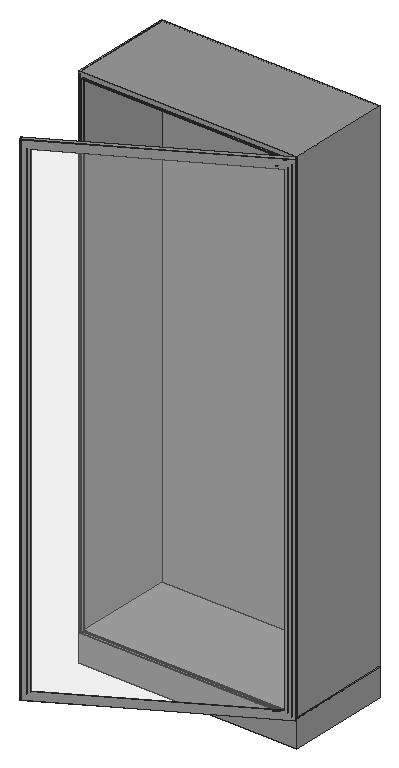
Revit family "Hager-Univers-IP55-D400-H1950-Cl.II-Steel_encl-NoHosted-NL-en", category Equipement électrique, Revit 2020
Family settings
  Configuration du panneau = Deux colonnes, circuits au sein
  Cote de connecteur circulaire = Utiliser le diamètre
  Type d'élément = Tableau de raccordement
  Basée sur le plan de construction = Oui
  Toujours verticalement = Oui
  Couper avec des vides une fois chargée = Non
  Partagée = Non
  Point de calcul de pièce = Non
Parameters (values of type "Floor installation IP55 W800 H1950 D400  - FR23U1")
  Width Control [instance] = if([EF000008 - Width] > Min Width, [EF000008 - Width], Min Width)  # 800 mm
  Commentaires du type = [HG000003 - Range]  # "Univers"
  Thickness Door [instance] = if([EF009171 - Material plate thickness door/cover] > 3 mm, 3 mm, [EF009171 - Material plate thickness door/cover])  # 1.5 mm
  Seal Frame Offset [instance] = 17 mm  # constant formula
  Plinth Visibility [instance] = [HG000027 - Plinth height] > 0 mm  # yes
  Min Width [instance] = 100 mm  # constant formula
  Min Depth [instance] = (2 * [EF009170 - Material plate thickness cabinet]) + 1 mm  # 4 mm
  Min Height [instance] = 100 mm  # constant formula
  Internal Frame Depth [instance] = (Door System Depth * 0.5)  # 9 mm
  Panel Name [instance] = ""  # (empty or 0)
  Model = ""
  HG000027 - Plinth height = 100 mm
  HG000026 - Floor standing = yes
  HG000024 - Bottom section height = 600 mm
  HG000023 - Double section enclosure = no
  HG000016 - Door 3d visibility [instance] = yes
  HG000015 - Clearance visibility [instance] = no
  HG000014 - Door on the right [instance] = yes
  HG000013 - Door on the left [instance] = not([HG000014 - Door on the right])  # no
  HG000012 - Door swing angle [instance] = 30.00°
  HG000010 - Asymmetric doors = no
  HG000009 - Double swing door = no
  HG000006 - Flush mounted = no
  HG000004 - Manufacturer reference = "FR23U1"
  HG000003 - Range = "Univers"
  HG000002 - With door or cover = yes
  Frame Offset Bottom [instance] = 10 mm  # constant formula
  Frame Offset [instance] = 15 mm  # constant formula
  EF015940 - Cover with overpressure release = no
  EF011959 - Degree of protection (NEMA) = ""
  EF009554 - Number of openings for flange plates = 6
  EF009212 - Cover model = "EV000116 - Closed"
  EF009171 - Material plate thickness door/cover = 1.5 mm
  EF009170 - Material plate thickness cabinet = 1.5 mm
  EF008873 - Nominal current (In) = 800 A
  EF007800 - Suitable for lightning protection = no
  EF006306 - With lock = no
  EF006244 - Transparent cover/door = yes
  EF005474 - Degree of protection (IP) = "EV006420 - IP55"
  EF004464 - Type of door = "EV002646 - Single"
  EF004427 - Number of modules = 432
  EF004293 - Impact strength = "EV008784 - IK10"
  EF003532 - Suitable for outdoor use = no
  EF002950 - Width in number of modular spacings = 24
  EF001613 - Circuit integrity = "EV000494 - None"
  EF001596 - Material housing = "EV000179 - Steel"
  EF001131 - Internal depth = 400 mm
  EF001088 - Extension possible = yes
  EF000437 - Number of conduit inlets = 6
  EF000339 - Type of cover = "EV004216 - Door"
  EF000266 - Number of rows = 12
  EF000218 - Built-in depth = 0 mm
  EF000118 - With mounting plate = no
  EF000116 - RAL-number = "7035"
  EF000049 - Depth = 400 mm
  EF000040 - Height = 1950 mm
  EF000008 - Width = 800 mm
  EF000007 - Colour = "EV000270 - Grey"
  EF000003 - Mounting method = "EV012274 - Floor installation"
  Door System Leaf Tolerance [instance] = 1.5 mm  # constant formula
  Door System Depth [instance] = 18 mm  # constant formula
  Door Height [instance] = Height Control - [HG000027 - Plinth height]  # 1850 mm
  Description = ""
  Default Elevation = 1219.2 mm
  Connector Offset [instance] = Height Control / 2  # 975 mm
  Fabricant = "Hager"  # constant formula
  Height Control [instance] = if([EF000040 - Height] > Min Height, [EF000040 - Height], Min Height)  # 1950 mm
  Depth Control [instance] = if([EF000049 - Depth] > Min Depth, [EF000049 - Depth], Min Depth)  # 400 mm
  Bottom Top Plate Trim [instance] = 1.5 mm  # constant formula
  Plinth height Ctrl [instance] = if([HG000027 - Plinth height] > 0 mm, [HG000027 - Plinth height], 12 mm)  # 100 mm
Types (11, lengths in mm): name | Width Control | HG000010 - Asymmetric doors | HG000009 - Double swing door | HG000004 - Manufacturer reference | EF009554 - Number of openings for flange plates | EF006244 - Transparent cover/door | EF004464 - Type of door | EF004427 - Number of modules | EF000437 - Number of conduit inlets | EF000008 - Width
  Floor installation IP55 W1050 H1950 D400  - FR24H1 | 1050 | yes | yes | "FR24H1" | 8 | no | "EV003602 - Double" | 576 | 8 | 1050
  Floor installation IP55 W1050 H1950 D400  - FR24U1 | 1050 | yes | yes | "FR24U1" | 8 | yes | "EV003602 - Double" | 576 | 8 | 1050
  Floor installation IP55 W1300 H1950 D400  - FR25H1 | 1300 | yes | yes | "FR25H1" | 10 | no | "EV003602 - Double" | 720 | 10 | 1300
  Floor installation IP55 W1300 H1950 D400  - FR25U1 | 1300 | yes | yes | "FR25U1" | 10 | yes | "EV003602 - Double" | 720 | 10 | 1300
  Floor installation IP55 W1550 H1950 D400  - FR26H1 | 1550 | yes | yes | "FR26H1" | 12 | no | "EV003602 - Double" | 864 | 12 | 1550
  Floor installation IP55 W1550 H1950 D400  - FR26U1 | 1550 | yes | yes | "FR26U1" | 12 | yes | "EV003602 - Double" | 864 | 12 | 1550
  Floor installation IP55 W300 H1950 D400  - FR21H1 | 300 | no | no | "FR21H1" | 2 | no | "EV002646 - Single" | 144 | 2 | 300
  Floor installation IP55 W550 H1950 D400  - FR22H1 | 550 | no | no | "FR22H1" | 4 | no | "EV002646 - Single" | 288 | 4 | 550
  Floor installation IP55 W550 H1950 D400  - FR22U1 | 550 | no | no | "FR22U1" | 4 | yes | "EV002646 - Single" | 288 | 4 | 550
  Floor installation IP55 W800 H1950 D400  - FR23H1 | 800 | no | no | "FR23H1" | 6 | no | "EV002646 - Single" | 432 | 6 | 800
  Floor installation IP55 W800 H1950 D400  - FR23U1 | 800 | no | no | "FR23U1" | 6 | yes | "EV002646 - Single" | 432 | 6 | 800
Reference planes
  plane 1 "Center (Front/Back)": y = 0
  plane 2: z = 0
  plane 3 "Center (Left/Right)": x = 0
  plane 4: y = 0
  plane 5: y = 0
  plane 6: z = 0
  plane 7: x = -400
  plane 8: x = 400
  plane 9: x = 398.5
  plane 10: x = -398.5
  plane 11: z = 100
  plane 12: z = 101.5
  plane 13: y = -400
  plane 14: y = -1.5
  plane 15: x = 0
  plane 16: y = -382
  plane 17: y = -398.5
  plane 18: y = -380.5
  plane 19: x = -383.5
  plane 20: x = 383.5
  plane 21: z = 111.5
  plane 22: x = -383
  plane 23: x = 383
  plane 24: z = 100
  plane 25: z = 1950
  plane 26: z = 1950
  plane 27: z = 1933.5
  plane 28: z = 1948.5
Forms (mm)
  Extrusion 1, solid, material "Hager_Steel_RAL7035_Light_Grey", detail levels medium+fine
    sketch origin (-208.679, -4572, 100) x (-1, 0, 0) y (0, -1, 0)
      loop
        line (191.321, -4190) -> (-608.679, -4190) -> (-608.679, -4572) -> (191.321, -4572) -> (191.321, -4190)
    from 0 to 1850
  Extrusion 2, void
    sketch origin (-350.771, -400, 1219.2) x (1, 0, 0) y (0, 0, 1)
      loop
        line (-47.729, 729.3) -> (-47.729, -1117.7) -> (749.271, -1117.7) -> (749.271, 729.3) -> (-47.729, 729.3)
    from -19.5 to -398.5
  Extrusion 3, void
    sketch origin (-290.084, -382, 1219.2) x (1, 0, 0) y (0, 0, 1)
      loop
        line (-93.416, -1107.7) -> (673.584, -1107.7) -> (673.584, 714.3) -> (-93.416, 714.3) -> (-93.416, -1107.7)
    from 0 to -1.5
  Extrusion 4, solid, material "Hager_Steel_RAL7035_Light_Grey", visible <- "Plinth Visibility", detail levels medium+fine
    sketch origin (0, 0, 0) x (1, 0, 0) y (0, 1, 0)
      loop
        line (-400, 0) -> (-400, -382) -> (400, -382) -> (400, 0) -> (-400, 0)
    from 0 to 100 <- "Plinth height Ctrl"
  Extrusion 5, solid, material "Hager_Steel_RAL7035_Light_Grey", detail levels coarse
    sketch origin (0, 0, 0) x (1, 0, 0) y (0, 1, 0)
      loop
        line (-400, 0) -> (-400, -400) -> (400, -400) -> (400, 0) -> (-400, 0)
    from 0 to 1950 <- "Height Control"
  Sweep 6, void
    path in 3D
      loop
        line (-400, -382, 100) -> (400, -382, 100) -> (400, 0, 100) -> (-400, 0, 100) -> (-400, -382, 100)
    profile origin (-400, -191, 100) x (1, 0, 0) y (0, 0, 1)
      loop
        line (0, 0) -> (0, -1.5) -> (1.5, -1.5)
        arc (1.5, -1.5) -> (1.061, -0.439) -> (0, 0) r 1.5
  Extrusion 7, solid, material "Hager_Steel_RAL7035_Light_Grey", detail levels fine
    sketch origin (-400, -382, 100) x (1, 0, 0) y (0, 0, 1)
      loop
        line (16.5, 11.5) -> (783.5, 11.5) -> (783.5, 1833.5) -> (16.5, 1833.5) -> (16.5, 11.5)
      loop
        line (15, 10) -> (785, 10) -> (785, 1835) -> (15, 1835) -> (15, 10)
    from 0 to 9 <- "Internal Frame Depth"
Cuts and joins
  Extrusion 2, Extrusion 3 cuts Extrusion 1
  Sweep 6 cuts Extrusion 4
Lines and regions (mm)
  Masking region 1
    outline origin (0, 0, 0) x (1, 0, 0) y (0, 1, 0)
      loop
        line (-400, 0) -> (-400, -400) -> (400, -400) -> (400, 0) -> (-400, 0)
  Masking region 2, detail levels coarse
    outline origin (-290.084, -382, 1219.2) x (-1, 0, 0) y (0, 0, 1)
      loop
        line (-690.084, -1219.2) -> (109.916, -1219.2) -> (109.916, 730.8) -> (-690.084, 730.8) -> (-690.084, -1219.2)
  Masking region 3, detail levels coarse
    outline origin (0, 0, 0) x (0, 1, 0) y (0, 0, 1)
      loop
        line (0, 0) -> (0, 1950) -> (-400, 1950) -> (-400, 0) -> (0, 0)
  Masking region 4, visible <- "Plinth Visibility", detail levels medium+fine
    outline origin (0, 0, 0) x (0, 1, 0) y (0, 0, 1)
      loop
        line (-1.5, 100) -> (-380.5, 100)
        arc (-380.5, 100) -> (-380.939, 98.939) -> (-382, 98.5) r 1.5
        line (-382, 98.5) -> (-382, 0) -> (0, 0) -> (0, 98.5)
        arc (0, 98.5) -> (-1.061, 98.939) -> (-1.5, 100) r 1.5
  Masking region 5, detail levels medium+fine
    outline origin (0, 0, 594.038) x (0, 1, 0) y (0, 0, 1)
      loop
        line (0, -494.038) -> (0, 1355.962) -> (-382, 1355.962) -> (-382, -494.038) -> (0, -494.038)
  Masking region 6, detail levels medium+fine
    outline origin (-359.7, -382, 1211.883) x (-1, 0, 0) y (0, 0, 1)
      loop
        line (-759.7, -1111.883) -> (40.3, -1111.883) -> (40.3, 738.117) -> (-759.7, 738.117) -> (-759.7, -1111.883)
  Masking region 7, visible <- "Plinth Visibility", detail levels medium+fine
    outline origin (-320.334, -382, 1041.368) x (-1, 0, 0) y (0, 0, 1)
      loop
        line (-720.334, -1041.368) -> (79.666, -1041.368) -> (79.666, -942.868)
        arc (79.666, -942.868) -> (78.606, -942.429) -> (78.166, -941.368) r 1.5
        line (78.166, -941.368) -> (-718.834, -941.368)
        arc (-718.834, -941.368) -> (-719.273, -942.429) -> (-720.334, -942.868) r 1.5
        line (-720.334, -942.868) -> (-720.334, -1041.368)
  sketch lines
    curve 1: line (-400, 0, 100) -> (-400, -382, 100)
    curve 2: line (-400, -382, 100) -> (400, -382, 100)
    curve 3: line (400, 0, 100) -> (-400, 0, 100)
    curve 4: line (400, -382, 100) -> (400, 0, 100)
Dimensions and locks
  locked: plane 1 "Center (Front/Back)" to plane 5
  "EF009170 - Material plate thickness cabinet": plane 7 to plane 10
  "EF009170 - Material plate thickness cabinet": plane 8 to plane 9
  equal spacing: plane 7, plane 3 "Center (Left/Right)", plane 8
  "Width Control": plane 7 to plane 8
  "Depth Control": plane 4 to plane 13
  "EF009170 - Material plate thickness cabinet": plane 4 to plane 14
  "Height Control": plane 25 to level
  "HG000027 - Plinth height": plane 11 to level
  "EF009170 - Material plate thickness cabinet": plane 12 to plane 11
  "EF009170 - Material plate thickness cabinet": plane 17 to plane 13
  "EF009170 - Material plate thickness cabinet": plane 18 to plane 16
  "Frame Offset Bottom": plane 21 to plane 12
  "Frame Offset": plane 10 to plane 19
  "Frame Offset": plane 9 to plane 20
  "Door System Depth": plane 16 to plane 13
  "Seal Frame Offset": plane 7 to plane 22
  "Seal Frame Offset": plane 8 to plane 23
  "EF009170 - Material plate thickness cabinet": plane 26 to plane 28
  "Frame Offset": plane 28 to plane 27
  "Connector Offset": plane 2 to connector elem
  "Bottom Top Plate Trim": profile plane to Sweep 6 sketch curve
  "Bottom Top Plate Trim": Sweep 6 sketch curve to Sweep 6 sketch curve
  "Plinth height Ctrl": Masking region 4 sketch curve to level
  "Plinth height Ctrl": Masking region 7 sketch curve to level
  "Thickness Door": Extrusion 7 sketch curve to Extrusion 7 sketch curve  (x4)
  "Bottom Top Plate Trim": radius of Sweep 6 sketch curve
  "Bottom Top Plate Trim": radius of Masking region 4 sketch curve  (x2)
  "Bottom Top Plate Trim": radius of Masking region 7 sketch curve  (x2)
  aligned and locked: Extrusion 2 sketch curve to plane 12
  aligned and locked: Extrusion 2 sketch curve to plane 9
  aligned and locked: Extrusion 2 sketch curve to plane 10
  aligned and locked: Extrusion 2 to plane 14
  aligned and locked: Extrusion 1 sketch curve to plane 4
  aligned and locked: plane 8 to Extrusion 1 sketch curve
  aligned and locked: plane 7 to Extrusion 1 sketch curve
  aligned and locked: Extrusion 2 to plane 18
  aligned and locked: Extrusion 3 sketch curve to plane 19
  aligned and locked: plane 20 to Extrusion 3 sketch curve
  aligned and locked: Extrusion 3 to Extrusion 2
  aligned and locked: Extrusion 3 sketch curve to plane 21
  aligned and locked: plane 3 "Center (Left/Right)" to nested 1
  aligned and locked: Extrusion 1 sketch curve to plane 16
  aligned and locked: Extrusion 4 sketch curve to cut or joined group of Extrusion 1, Extrusion 2, Extrusion 3
  aligned and locked: Masking region 1 sketch curve to plane 7
  aligned and locked: Masking region 1 sketch curve to plane 5
  aligned and locked: Masking region 1 sketch curve to plane 8
  aligned and locked: Masking region 2 sketch curve to level
  aligned and locked: level to Masking region 3 sketch curve
  aligned and locked: plane 1 "Center (Front/Back)" to Masking region 3 sketch curve
  aligned and locked: plane 13 to Masking region 3 sketch curve
  aligned and locked: plane 5 to Masking region 4 sketch curve
  aligned and locked: Masking region 2 sketch curve to plane 8
  aligned and locked: Masking region 2 sketch curve to plane 7
  aligned and locked: plane 7 to nested 2
  aligned and locked: nested 2 to plane 5
  aligned and locked: plane 5 to Masking region 5 sketch curve
  aligned and locked: plane 26 to Masking region 5 sketch curve
  aligned and locked: Extrusion 5 sketch curve to plane 8
  aligned and locked: Extrusion 5 sketch curve to plane 7
  aligned and locked: Extrusion 5 sketch curve to plane 5
  aligned and locked: Extrusion 3 sketch curve to plane 27
  aligned and locked: Extrusion 2 sketch curve to plane 28
  aligned and locked: Masking region 2 to plane 25
  aligned and locked: Extrusion 4 to plane 16
  aligned and locked: profile plane to Sweep 6 sketch curve
  aligned and locked: Masking region 5 sketch curve to plane 24
  aligned and locked: level to Masking region 4 sketch curve
  aligned and locked: Masking region 1 to plane 13
  aligned and locked: nested 1 to plane 16
  aligned and locked: Masking region 3 to plane 25
  aligned and locked: plane 16 to Masking region 4 sketch curve
  aligned and locked: Masking region 5 sketch curve to plane 16
  aligned and locked: plane 24 to plane 11
  aligned and locked: plane 26 to plane 25
  aligned and locked: plane 26 to cut or joined group of Extrusion 1, Extrusion 2, Extrusion 3
  aligned and locked: nested 1 to plane 24
  aligned and locked: Extrusion 1 to Extrusion 3
  aligned and locked: Masking region 6 sketch curve to plane 8
  aligned and locked: Masking region 6 sketch curve to plane 24
  aligned and locked: Masking region 6 sketch curve to plane 7
  aligned and locked: Masking region 6 sketch curve to plane 26
  aligned and locked: Masking region 7 sketch curve to plane 7
  aligned and locked: level to Masking region 7 sketch curve
  aligned and locked: Masking region 7 sketch curve to plane 8
  aligned and locked: Extrusion 7 sketch curve to cut or joined group of Extrusion 1, Extrusion 2, Extrusion 3  (x4)
Automatic sketch dimensions
  plane 19 to Extrusion 3 sketch curve = 0 mm
  Extrusion 3 sketch curve to plane 20 = 0 mm
  Extrusion 3 sketch curve to plane 21 = 0 mm
  Extrusion 4 sketch curve to plane 7 = 0 mm
  Extrusion 4 sketch curve to plane 8 = 0 mm
  Extrusion 4 sketch curve to plane 16 = 0 mm
  Masking region 1 sketch curve to plane 13 = 0 mm
  Masking region 2 sketch curve to plane 25 = 0 mm
  Masking region 3 sketch curve to plane 25 = 0 mm
  Extrusion 5 sketch curve to plane 13 = 0 mm
  profile plane to Sweep 6 sketch curve = 0 mm
Nested families
  nested 1: "EC000058_Univers_Door" at (0, -382, 100), Double <- "HG000009 - Double swing door", Transparent <- "EF006244 - Transparent cover/door", Angle <- "HG000012 - Door swing angle", Door_Right <- "HG000014 - Door on the right", Assymetrical <- "HG000010 - Asymmetric doors", Door <- "HG000002 - With door or cover", Width_Ctrl <- "Width Control", 3d_Door <- "HG000016 - Door 3d visibility", Clearance <- "HG000015 - Clearance visibility", Door_Left <- "HG000013 - Door on the left", Width <- "Width Control", Door_Depth <- "Door System Depth", Leaf_Tolerance <- "Door System Leaf Tolerance", Height <- "Door Height", Lock_Visibility <- "EF006306 - With lock", Thickness <- "Thickness Door", type "EC000058_Univers_Door", detail levels medium+fine
    with min_wh 4 mm, Width_Ctrl 800 mm, Width 800 mm, Transparent yes, Thickness 1.5 mm, Seal_Material Hager_Rubber, Lock_Visibility no, Lock_Material Hager_Plastic_RAL9005_Jet_Black, Leaf_Width 800 mm, Leaf_Tolerance_External_Sides 0 mm, Leaf_Tolerance 1.5 mm, Leaf_Offset 0 mm, Leaf_Height 1847 mm, Leaf_2_Width 800 mm, Leaf_2_Offset 400 mm, Leaf_1_Width 800 mm, Leaf_1_Offset 400 mm, Height_Ctrl 1850 mm, Height 1850 mm, Glass_Material Hager_Glass, Double_Clearance_Ctrl no, Double no, Door_Right_Ctrl yes, Door_Right yes, Door_Material Hager_Steel_RAL7035_Light_Grey, Door_Left_Ctrl no, Door_Left no, Door_Depth 18 mm, Door yes, Clearance_Material Hager_Clearance, Clearance_Depth 800 mm, Clearance_Ctrl no, Clearance no, Assymetrical no, Angle 30.00°, 3d_Door yes
  nested 2: "Hager_Enclosure_Symbol" at (-400, 0, 0), Height <- "Depth Control", Width <- "Width Control", type "Hager_Enclosure_Symbol"
    with Width_Ctrl 800 mm, Width 800 mm, Height_Ctrl 400 mm, Height 400 mm, A_Width_Int 26.25 mm, A_Width 315 mm, A_Height_Ctrl 350 mm, A_Height 350 mm
Connectors
  electrical at (0, 0, 975)
    settings: on plane 1 "Center (Front/Back)", index 1, voltage 0 V, apparent load 0 VA, apparent load phase1 0 VA, apparent load phase2 0 VA, apparent load phase3 0 VA, power factor 1, load classification "Other", number of poles 1, system type 30, power factor state 1, is connector primary yes, connector utility no, sub classification motor no, connector description ""
Definition of nested family "EC000058_Univers_Door"
  Parameters (values of type "EC000058_Univers_Door")
    min_wh [instance] = (2 * Thickness) + 1 mm  # 11 mm
    Width_Ctrl [instance] = 400 mm
    Width [instance] = 500 mm
    Transparent [instance] = yes
    Thickness [instance] = 5 mm
    Seal_Material [instance] = none
    Lock_Visibility [instance] = yes
    Lock_Material [instance] = none
    Leaf_Width [instance] = if((Width_Ctrl - 2 * Leaf_Tolerance_External_Sides) > 0 mm, (Width_Ctrl - 2 * Leaf_Tolerance_External_Sides), min_wh)  # 400 mm
    Leaf_Tolerance_External_Sides [instance] = 0 mm  # constant formula
    Leaf_Tolerance [instance] = 1.5 mm
    Leaf_Offset [instance] = 0 mm  # constant formula
    Leaf_Height [instance] = if((Height_Ctrl - 2 * Leaf_Tolerance) > 0 mm, (Height_Ctrl - 2 * Leaf_Tolerance), min_wh)  # 497 mm
    Leaf_2_Width [instance] = if(and(and(Double, Assymetrical), Door_Left), (Leaf_Width / 3) - (Leaf_Tolerance / 2), if(and(and(Double, Assymetrical), Door_Right), (Leaf_Width / 3) * 2 - (Leaf_Tolerance / 2), if(and(Double, not(Assymetrical)), (Leaf_Width / 2) - Leaf_Tolerance, Leaf_Width)))  # 400 mm
    Leaf_2_Offset [instance] = if(and(Double, Assymetrical), Leaf_2_Width / 2, if(and(Double, not(Assymetrical)), Leaf_Width / 4, Leaf_Width / 2))  # 200 mm
    Leaf_1_Width [instance] = if(and(and(Double, Assymetrical), Door_Right), (Leaf_Width / 3) - (Leaf_Tolerance / 2), if(and(and(Double, Assymetrical), Door_Left), (Width / 3) * 2 - (Leaf_Tolerance / 2), if(and(Double, not(Assymetrical)), (Leaf_Width / 2) - Leaf_Tolerance, Leaf_Width)))  # 400 mm
    Leaf_1_Offset [instance] = if(and(Double, Assymetrical), Leaf_1_Width / 2, if(and(Double, not(Assymetrical)), Leaf_Width / 4, Leaf_Width / 2))  # 200 mm
    Height_Ctrl [instance] = if(Height > min_wh, Height, min_wh)  # 500 mm
    Height [instance] = 500 mm
    Glass_Material [instance] = none
    Double_Clearance_Ctrl [instance] = and(Double, Clearance)  # no
    Double [instance] = no
    Door_Right_Ctrl [instance] = and(or(Door_Right, Double), Door)  # yes
    Door_Right [instance] = yes
    Door_Material [instance] = none
    Door_Left_Ctrl [instance] = and(or(Door_Left, Double), Door)  # no
    Door_Left [instance] = no
    Door_Depth [instance] = 30 mm
    Door [instance] = yes
    Default Elevation = 1219.2 mm
    Clearance_Material [instance] = none
    Clearance_Depth [instance] = if(Leaf_1_Width > Leaf_2_Width, Leaf_1_Width, Leaf_2_Width)  # 400 mm
    Clearance_Ctrl [instance] = and(not(Double), Clearance)  # yes
    Clearance [instance] = yes
    Assymetrical [instance] = yes
    Angle [instance] = 30.00°
    3d_Door [instance] = yes
  Reference planes
    plane 1 "Center (Front/Back)": y = 0
    plane 2 "Bottom": z = 0
    plane 3 "Center (Left/Right)": x = 0
    plane 4: z = 500
    plane 5: x = -200
    plane 6: x = 200
    plane 7: z = 500
    plane 8: x = -200
    plane 9: z = 0
    plane 10: x = 200
    plane 11: y = 0
    plane 12: z = 1.5
    plane 13: x = -600
    plane 14: y = -400
    plane 15: x = 600
    plane 16: x = 0
    plane 17: x = 0
    plane 18: x = -200
    plane 19: x = 200
    plane 20: z = 498.5
  Forms (mm)
    Extrusion 1, solid, material <- "Clearance_Material", visible <- "Double_Clearance_Ctrl"
      sketch origin (1200, 0, 0) x (1, 0, 0) y (0, 0, -1)
        loop
          line (-1800, -498.5) -> (-600, -498.5) -> (-600, 0) -> (-1800, 0) -> (-1800, -498.5)
      from 0 to -400
  Dimensions and locks
    equal spacing: plane 5, plane 3 "Center (Left/Right)", plane 6
    "Width_Ctrl": plane 5 to plane 6
    "Leaf_Offset": plane 5 to plane 8
    "Leaf_Offset": plane 6 to plane 10
    "Leaf_Offset": plane 9 to level
    "Leaf_Offset": plane 4 to plane 7
    "Height_Ctrl": plane 4 to level
    "Leaf_Tolerance": plane 12 to plane 9
    locked: plane 11 to plane 1 "Center (Front/Back)"
    "Leaf_1_Offset": plane 18 to plane 16
    "Leaf_2_Offset": plane 17 to plane 19
    "Leaf_1_Width": plane 13 to plane 8
    "Leaf_2_Width": plane 10 to plane 15
    "Clearance_Depth": plane 14 to plane 1 "Center (Front/Back)"
    "Leaf_Tolerance_External_Sides": plane 8 to plane 18
    "Leaf_Tolerance_External_Sides": plane 19 to plane 10
    "Leaf_Tolerance": plane 7 to plane 20
    aligned and locked: level to plane 2 "Bottom"
    aligned and locked: nested 1 to plane 16
    aligned and locked: nested 2 to plane 17
    aligned and locked: Extrusion 1 to plane 13
    aligned and locked: plane 15 to Extrusion 1
    aligned and locked: Extrusion 1 to plane 14
    aligned and locked: plane 12 to nested 1
    aligned and locked: nested 2 to plane 12
    aligned and locked: Extrusion 1 to plane 11
    aligned and locked: plane 20 to Extrusion 1
    aligned and locked: nested 2 to plane 11
    aligned and locked: nested 1 to plane 11
  Automatic sketch dimensions
    Extrusion 1 sketch curve to level = 0 mm
    plane 5 to Extrusion 1 sketch curve = 400 mm
    plane 6 to Extrusion 1 sketch curve = 400 mm
    Extrusion 1 sketch curve to plane 4 = 1.5 mm
  Nested families
    nested 1: "EC000058_Univers_Door_Leaf" at (0, 0, 1.5), Width <- "Leaf_1_Width", visible <- "Door_Left_Ctrl", Leaf_Height <- "Leaf_Height", Angle <- "Angle", 3d_Door <- "3d_Door", Transparent <- "Transparent", Clearance Material <- "Clearance_Material", Clearance <- "Clearance_Ctrl", Door_Material <- "Door_Material", Glass_Material <- "Glass_Material", Door_Depth <- "Door_Depth", Lock_Material <- "Lock_Material", Seal_Material <- "Seal_Material", Lock_Visibility <- "Lock_Visibility", Thickness <- "Thickness", type "EC000058_Univers_Door_Leaf"
      with Width 400 mm, Transparent_Glass_Offset 30 mm, Transparent_Ctrl yes, Transparent yes, Thickness 5 mm, Standard no, Seal_Material none, Seal_D2 8 mm, Seal_D1 1 mm, Offset_Internal_Frame 10 mm, Lock_Width 20 mm, Lock_Visibility_3d yes, Lock_Visibility yes, Lock_Thickness_3 3 mm, Lock_Thickness_2 1 mm, Lock_Thickness_1 3 mm, Lock_Radius_Offset_2 16 mm, Lock_Radius_Offset_1 15 mm, Lock_Radius_2 5 mm, Lock_Radius 6 mm, Lock_Offset 5 mm, Lock_Material none, Lock_Height 80 mm, Lock_Cover_Top_Offset_2d 17 mm, Lock_Cover_Height -65 mm, Leaf_Height 497 mm, Internal_Seal_Thickness 8 mm, Internal_Seal_Depth_2 4.5 mm, Internal_Frame_Depth 25 mm, Glass_Thickness -1 mm, Glass_Offset -2 mm, Glass_Material none, Door_Material none, Door_Depth 30 mm, Clearance Material none, Clearance yes, Angle_Ctrl 30.00°, Angle 30.00°, 3d_Door yes
    nested 2: "EC000058_Univers_Door_Leaf" at (0, 0, 1.5) x (-1, 0, 0) z (0, 0, 1), Width <- "Leaf_2_Width", visible <- "Door_Right_Ctrl", Leaf_Height <- "Leaf_Height", Angle <- "Angle", 3d_Door <- "3d_Door", Transparent <- "Transparent", Clearance Material <- "Clearance_Material", Clearance <- "Clearance_Ctrl", Door_Material <- "Door_Material", Glass_Material <- "Glass_Material", Door_Depth <- "Door_Depth", Lock_Material <- "Lock_Material", Seal_Material <- "Seal_Material", Lock_Visibility <- "Lock_Visibility", Thickness <- "Thickness", type "EC000058_Univers_Door_Leaf"
      with Width 400 mm, Transparent_Glass_Offset 30 mm, Transparent_Ctrl yes, Transparent yes, Thickness 5 mm, Standard no, Seal_Material none, Seal_D2 8 mm, Seal_D1 1 mm, Offset_Internal_Frame 10 mm, Lock_Width 20 mm, Lock_Visibility_3d yes, Lock_Visibility yes, Lock_Thickness_3 3 mm, Lock_Thickness_2 1 mm, Lock_Thickness_1 3 mm, Lock_Radius_Offset_2 16 mm, Lock_Radius_Offset_1 15 mm, Lock_Radius_2 5 mm, Lock_Radius 6 mm, Lock_Offset 5 mm, Lock_Material none, Lock_Height 80 mm, Lock_Cover_Top_Offset_2d 17 mm, Lock_Cover_Height -65 mm, Leaf_Height 497 mm, Internal_Seal_Thickness 8 mm, Internal_Seal_Depth_2 4.5 mm, Internal_Frame_Depth 25 mm, Glass_Thickness -1 mm, Glass_Offset -2 mm, Glass_Material none, Door_Material none, Door_Depth 30 mm, Clearance Material none, Clearance yes, Angle_Ctrl 30.00°, Angle 30.00°, 3d_Door yes
  Definition of nested family "EC000058_Univers_Door_Leaf"
    Parameters (values of type "EC000058_Univers_Door_Leaf")
      Width [instance] = 2000 mm
      Transparent_Glass_Offset [instance] = 30 mm
      Transparent_Ctrl [instance] = and(Transparent, [3d_Door])  # yes
      Transparent [instance] = yes
      Thickness [instance] = 5 mm
      Standard [instance] = and(not(Transparent), [3d_Door])  # no
      Seal_Material [instance] = none
      Seal_D2 [instance] = 8 mm  # constant formula
      Seal_D1 [instance] = 1 mm  # constant formula
      Offset_Internal_Frame [instance] = 10 mm  # constant formula
      Lock_Width [instance] = 20 mm  # constant formula
      Lock_Visibility_3d [instance] = and(Lock_Visibility, [3d_Door])  # yes
      Lock_Visibility [instance] = yes
      Lock_Thickness_3 [instance] = 3 mm  # constant formula
      Lock_Thickness_2 [instance] = 1 mm  # constant formula
      Lock_Thickness_1 [instance] = 3 mm  # constant formula
      Lock_Radius_Offset_2 [instance] = Lock_Radius_Offset_1 + 1 mm  # 16 mm
      Lock_Radius_Offset_1 [instance] = 15 mm  # constant formula
      Lock_Radius_2 [instance] = Lock_Radius - 1 mm  # 5 mm
      Lock_Radius [instance] = 6 mm  # constant formula
      Lock_Offset [instance] = 5 mm  # constant formula
      Lock_Material [instance] = none
      Lock_Height [instance] = 80 mm  # constant formula
      Lock_Cover_Top_Offset_2d [instance] = Lock_Radius_Offset_2 + 1 mm  # 17 mm
      Lock_Cover_Height [instance] = -(Lock_Height - Lock_Radius_Offset_1)  # -65 mm
      Leaf_Height [instance] = 2720.336 mm
      Internal_Seal_Thickness [instance] = 8 mm  # constant formula
      Internal_Seal_Depth_2 [instance] = 4.5 mm  # constant formula
      Internal_Frame_Depth [instance] = if(Door_Depth - Thickness > 5 mm, Door_Depth - Thickness, 5 mm)  # 25 mm
      Glass_Thickness [instance] = if(Thickness > 15 mm, Glass_Offset + 10 mm, -1 mm)  # -1 mm
      Glass_Offset [instance] = if(Thickness > 15 mm, -(Thickness + 10 mm) / 2, -2 mm)  # -2 mm
      Glass_Material [instance] = none
      Door_Material [instance] = none
      Door_Depth [instance] = 30 mm
      Default Elevation = 0 mm
      Clearance Material [instance] = none
      Clearance [instance] = yes
      Angle_Ctrl [instance] = if(Angle > 180.00°, 180.00°, Angle)  # 90.00°
      Angle [instance] = 90.00°
      3d_Door [instance] = yes
    Reference planes
      plane 1 "Center (Front/Back)": y = 0
      plane 2: z = 0
      plane 3 "Center (Left/Right)": x = 0
      plane 4: y = 2000
      plane 5: x = -1000
      plane 6: x = 1000
      plane 7: x = -3000
      plane 8: z = 2720.336
      plane 9: z = 30
      plane 10: z = 2690.336
      plane 11: x = 970
      plane 12: x = -970
      plane 13: y = -3
      plane 14: z = 107.833
      plane 15: y = -5
      plane 16: y = -223.314
      plane 17: x = -1000
      plane 18: z = 1360.168
      plane 19: y = 30
    Forms (mm)
      Extrusion 1, solid, material <- "Clearance Material", visible <- "Clearance"
        sketch origin (0, 0, 0) x (1, 0, 0) y (0, 0, 1)
          loop
            line (-3000, 2720.336) -> (-3000, 0) -> (1000, 0) -> (1000, 2720.336) -> (-3000, 2720.336)
        from 0 to -2000
      Extrusion 2, solid, material <- "Door_Material", visible <- "Standard", detail levels medium+fine
        sketch origin (-1000, 0, 0) x (0, 1, 0) y (-1, 0, 0)
          loop
            line (0, 30) -> (0, 25) -> (2000, 25) -> (2000, 30) -> (0, 30)
        from 0 to 2720.336 <- "Leaf_Height"
      Extrusion 3, solid, material <- "Door_Material", visible <- "Transparent_Ctrl", detail levels medium+fine
        sketch origin (-1000, 0, 0) x (0, 1, 0) y (-1, 0, 0)
          loop
            line (0, 25) -> (2000, 25) -> (2000, 30) -> (0, 30) -> (0, 25)
        from 0 to 2720.336 <- "Leaf_Height"
      Extrusion 4, void
        sketch origin (-1025, 2000, 0) x (0, 1, 0) y (0, 0, -1)
          loop
            line (-30, -2690.336) -> (-30, -30) -> (-1970, -30) -> (-1970, -2690.336) -> (-30, -2690.336)
        from 0 to 5 <- "Thickness"
      Sweep 5, solid, material <- "Seal_Material", visible <- "Transparent_Ctrl", detail levels fine
        path in 3D
          loop
            line (-1025, 30, 30) -> (-1025, 30, 2690.336) -> (-1025, 1970, 2690.336) -> (-1025, 1970, 30) -> (-1025, 30, 30)
        profile origin (-1025, 1000, 30) x (1, 0, 0) y (0, 0, 1)
          loop
            line (0, 0) -> (0, -8) -> (1, -8) -> (1, 0) -> (0, 0)
      Extrusion 6, solid, material <- "Glass_Material", visible <- "Transparent_Ctrl", detail levels medium+fine
        sketch origin (-1030, 0, 0) x (0, 1, 0) y (0, 0, -1)
          loop
            line (1970, -2690.336) -> (1970, -30) -> (30, -30) -> (30, -2690.336) -> (1970, -2690.336)
        from -2 <- "Glass_Offset" to -1 <- "Glass_Thickness"
      Extrusion 7, solid, material <- "Door_Material", visible <- "3d_Door", detail levels medium+fine
        sketch origin (-1025, 2000, 0) x (0, -1, 0) y (0, 0, -1)
          loop
            line (0, -2720.336) -> (2000, -2720.336) -> (2000, 0) -> (0, 0) -> (0, -2720.336)
          loop
            line (1995, -5) -> (5, -5) -> (5, -2715.336) -> (1995, -2715.336) -> (1995, -5)
        from 0 to 25 <- "Internal_Frame_Depth"
      Sweep 8, solid, material <- "Seal_Material", visible <- "Transparent_Ctrl", detail levels fine
        path in 3D
          loop
            line (-1025, 0, 0) -> (-1025, 2000, 0) -> (-1025, 2000, 2720.336) -> (-1025, 0, 2720.336) -> (-1025, 0, 0)
        profile origin (-1025, 0, 1360.168) x (1, 0, 0) y (0, 1, 0)
          loop
            line (0, 10) -> (2.975, 10)
            arc (2.975, 10) -> (4.053, 10.447) -> (4.5, 11.525) r 1.525
            line (4.5, 11.525) -> (4.5, 16.527)
            arc (4.5, 16.527) -> (4.069, 17.569) -> (3.027, 18) r 1.473
            line (3.027, 18) -> (0, 18) -> (0, 10)
      Extrusion 9, solid, material <- "Lock_Material", visible <- "Lock_Visibility_3d", detail levels fine
        sketch origin (-1030, 0, 0) x (0, 1, 0) y (0, 0, -1)
          loop
            arc (1993.5, -1400.168) -> (1994.561, -1399.729) -> (1995, -1398.668) r 1.5
            line (1995, -1398.668) -> (1995, -1320.168) -> (1975, -1320.168) -> (1975, -1398.668)
            arc (1975, -1398.668) -> (1975.439, -1399.729) -> (1976.5, -1400.168) r 1.5
            line (1976.5, -1400.168) -> (1993.5, -1400.168)
        from 3 <- "Lock_Thickness_1" to 0
      Blend 10, solid, material <- "Lock_Material", visible <- "Lock_Visibility_3d", detail levels fine
        base sketch origin (-1033, 0, 0) x (0, 1, 0) y (0, 0, -1)
          loop
            line (1975, -1320.168) -> (1975, -1398.668)
            arc (1975, -1398.668) -> (1975.439, -1399.729) -> (1976.5, -1400.168) r 1.5
            line (1976.5, -1400.168) -> (1993.5, -1400.168)
            arc (1993.5, -1400.168) -> (1994.561, -1399.729) -> (1995, -1398.668) r 1.5
            line (1995, -1398.668) -> (1995, -1320.168) -> (1975, -1320.168)
        top sketch origin (-1033, 0, 0) x (0, 1, 0) y (0, 0, -1)
          loop
            line (1976, -1320.168) -> (1976, -1398.668)
            arc (1976, -1398.668) -> (1976.146, -1399.022) -> (1976.5, -1399.168) r 0.5
            line (1976.5, -1399.168) -> (1993.5, -1399.168)
            arc (1993.5, -1399.168) -> (1993.854, -1399.022) -> (1994, -1398.668) r 0.5
            line (1994, -1398.668) -> (1994, -1320.168) -> (1976, -1320.168)
        from 0 to 1 <- "Lock_Thickness_2"
      Blend 11, solid, material <- "Lock_Material", visible <- "Lock_Visibility_3d", detail levels fine
        base sketch origin (-1034, 0, 0) x (0, 1, 0) y (0, 0, -1)
          loop
            line (1978, -1320.168) -> (1978, -1384.168)
            arc (1978, -1384.168) -> (1985, -1391.168) -> (1992, -1384.168) r 7
            line (1992, -1384.168) -> (1992, -1320.168) -> (1978, -1320.168)
        top sketch origin (-1034, 0, 0) x (0, 1, 0) y (0, 0, -1)
          loop
            line (1991, -1320.168) -> (1979, -1320.168) -> (1979, -1383.168)
            arc (1979, -1383.168) -> (1985, -1389.168) -> (1991, -1383.168) r 6
            line (1991, -1383.168) -> (1991, -1320.168)
        from 0 to 3 <- "Lock_Thickness_3"
      Extrusion 12, solid, material <- "Lock_Material", visible <- "Lock_Visibility_3d", detail levels fine
        sketch origin (-1030, 1975, 1320.168) x (1, 0, 0) y (0, -1, 0)
          loop
            line (-7, -19) -> (-7, -1) -> (0, -1) -> (0, 0) -> (-8, 0) -> (-8, -20) -> (0, -20) -> (0, -19) -> (-7, -19)
        from 0 to -65 <- "Lock_Cover_Height"
      Extrusion 13, void
        sketch origin (-1038, 1995, 1320.168) x (-1, 0, 0) y (0, 0, -1)
          loop
            line (-5, -65) -> (0, -65) -> (-5, -60) -> (-5, -65)
        from 0 to 20 <- "Lock_Width"
      Extrusion 14, void
        sketch origin (-1038, 1975, 1320.168) x (0, -1, 0) y (0, 0, -1)
          loop
            circle (-10, -15.995) r 6
          loop
            circle (-10, -15.995) r 5
        from 0 to 2
      Extrusion 15, solid, material <- "Lock_Material", visible <- "Lock_Visibility_3d", detail levels medium
        sketch origin (-1030, 0, 0) x (0, 1, 0) y (0, 0, -1)
          loop
            arc (1993.5, -1400.168) -> (1994.561, -1399.729) -> (1995, -1398.668) r 1.5
            line (1995, -1398.668) -> (1995, -1320.168) -> (1975, -1320.168) -> (1975, -1398.668)
            arc (1975, -1398.668) -> (1975.439, -1399.729) -> (1976.5, -1400.168) r 1.5
            line (1976.5, -1400.168) -> (1993.5, -1400.168)
        from 8 to 0
    Cuts and joins
      Extrusion 4 cuts Extrusion 3
      Extrusion 13, Extrusion 14 cuts Extrusion 9
      Extrusion 14 cuts Blend 11
      Extrusion 13, Extrusion 14 cuts Extrusion 12
      joined: Extrusion 9, Blend 10, Blend 11, Extrusion 12
      Extrusion 14 cuts Extrusion 15
    Lines and regions (mm)
      Masking region 1, visible <- "Lock_Visibility", detail levels fine
        outline origin (0, 0, 0) x (0, 1, 0) y (0, 0, 1)
          loop
            line (30, 1320.168) -> (33, 1320.168) -> (33, 1400.168) -> (30, 1400.168) -> (30, 1320.168)
      Masking region 2, visible <- "Lock_Visibility", detail levels fine
        outline origin (0, 3.143, 0) x (0, 1, 0) y (0, 0, 1)
          loop
            line (29.857, 1354.168) -> (30.857, 1354.168) -> (30.857, 1366.168) -> (29.857, 1366.168) -> (29.857, 1354.168)
      Masking region 3, detail levels medium+fine
        outline origin (0, 0, 0) x (0, 1, 0) y (0, 0, 1)
          loop
            line (0, 0) -> (30, 0) -> (30, 2720.336) -> (0, 2720.336) -> (0, 0)
      Masking region 4, detail levels medium+fine
        outline origin (0, 0, 0) x (1, 0, 0) y (0, 0, 1)
          loop
            line (-1000, 2720.336) -> (-1000, 0) -> (1000, 0) -> (1000, 2720.336) -> (-1000, 2720.336)
      Masking region 5, visible <- "Lock_Visibility", detail levels fine
        outline origin (-47.116, 0, 0) x (1, 0, 0) y (0, 0, 1)
          loop
            arc (1024.616, 1399.168) -> (1023.556, 1398.729) -> (1023.116, 1397.668) r 1.5
            line (1023.116, 1397.668) -> (1023.116, 1320.168) -> (1041.116, 1320.168) -> (1041.116, 1397.668)
            arc (1041.116, 1397.668) -> (1040.677, 1398.729) -> (1039.616, 1399.168) r 1.5
            line (1039.616, 1399.168) -> (1024.616, 1399.168)
      Masking region 6, visible <- "Lock_Visibility", detail levels medium+fine
        outline origin (-25, 0, 0) x (1, 0, 0) y (0, 0, 1)
          loop
            arc (1001.5, 1400.168) -> (1000.439, 1399.729) -> (1000, 1398.668) r 1.5
            line (1000, 1398.668) -> (1000, 1320.168) -> (1020, 1320.168) -> (1020, 1398.668)
            arc (1020, 1398.668) -> (1019.561, 1399.729) -> (1018.5, 1400.168) r 1.5
            line (1018.5, 1400.168) -> (1001.5, 1400.168)
      Masking region 7, visible <- "Lock_Visibility", detail levels fine
        outline origin (-73.735, 0, 0) x (1, 0, 0) y (0, 0, 1)
          loop
            line (1051.735, 1382.168) -> (1065.735, 1382.168) -> (1065.735, 1384.168)
            arc (1065.735, 1384.168) -> (1058.735, 1391.168) -> (1051.735, 1384.168) r 7
            line (1051.735, 1384.168) -> (1051.735, 1382.168)
      Masking region 8, visible <- "Lock_Visibility", detail levels fine
        outline origin (-73.735, 0, 0) x (1, 0, 0) y (0, 0, 1)
          loop
            line (1052.735, 1382.168) -> (1064.735, 1382.168) -> (1064.735, 1383.168)
            arc (1064.735, 1383.168) -> (1058.735, 1389.168) -> (1052.735, 1383.168) r 6
            line (1052.735, 1383.168) -> (1052.735, 1382.168)
      Masking region 9, visible <- "Lock_Visibility", detail levels fine
        outline origin (-25, 0, 0) x (1, 0, 0) y (0, 0, 1)
          loop
            line (1020, 1320.168) -> (1020, 1382.168) -> (1000, 1382.168) -> (1000, 1320.168) -> (1020, 1320.168)
      Masking region 10, detail levels medium+fine
        outline origin (0, 0, 0) x (1, 0, 0) y (0, 0, 1)
          loop
            circle (985, 1335.144) r 6
      Masking region 11, detail levels fine
        outline origin (0, 0, 0) x (1, 0, 0) y (0, 0, 1)
          loop
            circle (985, 1335.144) r 5
      Masking region 12, visible <- "Lock_Visibility", detail levels fine
        outline origin (0, 12.767, 0) x (0, 1, 0) y (0, 0, 1)
          loop
            line (20.233, 1320.168) -> (21.233, 1320.168) -> (21.233, 1399.168) -> (20.233, 1400.168) -> (20.233, 1320.168)
      Masking region 13, visible <- "Lock_Visibility", detail levels fine
        outline origin (0, 13.767, -10) x (0, 1, 0) y (0, 0, 1)
          loop
            line (20.233, 1330.168) -> (23.233, 1330.168) -> (23.233, 1399.168) -> (20.233, 1402.168) -> (20.233, 1330.168)
      Masking region 14, visible <- "Lock_Visibility", detail levels fine
        outline origin (0, 12.767, -10) x (0, 1, 0) y (0, 0, 1)
          loop
            line (20.233, 1330.168) -> (25.233, 1330.168) -> (25.233, 1399.305) -> (20.233, 1394.305) -> (20.233, 1330.168)
      Masking region 15, visible <- "Lock_Visibility", detail levels medium
        outline origin (0, 0, 0) x (0, 1, 0) y (0, 0, 1)
          loop
            line (30, 1320.168) -> (38, 1320.168) -> (38, 1400.168) -> (30, 1400.168) -> (30, 1320.168)
      Masking region 16, visible <- "Lock_Visibility", detail levels fine
        outline origin (-1000, 0, 0) x (0, 1, 0) y (-1, 0, 0)
          loop
            line (1975, 30) -> (1995, 30) -> (1995, 38) -> (1975, 38) -> (1975, 30)
          loop
            line (1979, 37) -> (1976, 37) -> (1976, 34) -> (1978, 34) -> (1979, 37)
          loop
            line (1994, 37) -> (1991, 37) -> (1992, 34) -> (1994, 34) -> (1994, 37)
      Masking region 17, visible <- "Lock_Visibility", detail levels medium
        outline origin (-1000, 0, 0) x (0, 1, 0) y (-1, 0, 0)
          loop
            line (1975, 30) -> (1995, 30) -> (1995, 38) -> (1975, 38) -> (1975, 30)
      symbolic lines
        curve 1: line (1000, 0, 0) -> (-3000, 0, 0)
        curve 2: arc (1000, 0, 0) -> (-1000, 2000, 0) -> (-3000, 0, 0) r 2000
        curve 4: line (-1030, 0, 0) -> (-1030, 2000, 0)
      reference lines
        curve 3: line (-1000, 0, 0) -> (-1000, 2000, 0)
      symbolic lines, detail levels medium+fine
        curve 5: line (-1030, 2000, 0) -> (-1025, 2000, 0)
        curve 7: line (-1025, 0, 0) -> (-1030, 0, 0)
        curve 8: line (-1025, 0, 0) -> (-1000, 0, 0)
        curve 9: line (-1000, 0, 0) -> (-1000, 2000, 0)
        curve 10: line (-1000, 2000, 0) -> (-1025, 2000, 0)
      symbolic lines, detail levels fine
        curve 6: line (-1025, 2000, 0) -> (-1025, 0, 0)
      sketch lines
        curve 11: line (-1025, 0, 2720.336) -> (-1025, 0, 0)
        curve 12: line (-1025, 2000, 0) -> (-1025, 0, 0)
        curve 13: line (-1025, 2000, 2720.336) -> (-1025, 2000, 0)
        curve 14: line (-1025, 0, 2720.336) -> (-1025, 2000, 2720.336)
        curve 15: line (-1025, 1970, 30) -> (-1025, 30, 30)
        curve 16: line (-1025, 30, 30) -> (-1025, 30, 2690.336)
        curve 17: line (-1025, 1970, 2690.336) -> (-1025, 1970, 30)
        curve 18: line (-1025, 30, 2690.336) -> (-1025, 1970, 2690.336)
      symbolic lines, visible <- "Transparent", detail levels medium+fine
        curve 19: line (-970, 0, 2690.336) -> (970, 0, 2690.336)
        curve 20: line (-970, 0, 30) -> (-970, 0, 2690.336)
        curve 21: line (970, 0, 30) -> (-970, 0, 30)
        curve 22: line (970, 0, 2690.336) -> (970, 0, 30)
    Dimensions and locks
      "Width": plane 1 "Center (Front/Back)" to plane 4
      equal spacing: plane 5, plane 3 "Center (Left/Right)", plane 6
      "Width": plane 5 to plane 6
      "Width": plane 7 to plane 5
      "Leaf_Height": plane 8 to level
      "Width": curve 5 to curve 3
      "Width": curve 3 to curve 3
      plane 8 to plane 10 = 30 mm
      plane 9 to level = 30 mm
      plane 12 to plane 5 = 30 mm
      plane 6 to plane 11 = 30 mm
      Extrusion 1 to Extrusion 4 sketch curve = 30 mm
      "Transparent_Glass_Offset": curve 3 to Extrusion 4 sketch curve
      "Transparent_Glass_Offset": Extrusion 4 sketch curve to cut or joined group of Extrusion 3, Extrusion 4  (x2)
      cut or joined group of Extrusion 3, Extrusion 4 to Extrusion 6 sketch curve = 30 mm
      "Transparent_Glass_Offset": cut or joined group of Extrusion 3, Extrusion 4 to Extrusion 4 sketch curve
      "Thickness": curve 6 to curve 4
      "Thickness": Extrusion 7 sketch curve to Extrusion 7 sketch curve  (x4)
      "Door_Depth": curve 4 to curve 3
      "Offset_Internal_Frame": profile plane to Sweep 8 sketch curve
      "Internal_Seal_Thickness": Sweep 8 sketch curve to Sweep 8 sketch curve
      "Internal_Seal_Depth_2": profile plane to Sweep 8 sketch curve
      "Seal_D1": profile plane to Sweep 5 sketch curve
      "Seal_D2": profile plane to Sweep 5 sketch curve
      "Thickness": Extrusion 2 sketch curve to Extrusion 2 sketch curve
      equal spacing: Extrusion 9 sketch curve, plane 18, Extrusion 9 sketch curve  (x2)
      equal spacing: Masking region 1 sketch curve, plane 18, Masking region 1 sketch curve
      "Lock_Height": Masking region 1 sketch curve to Masking region 1 sketch curve
      "Lock_Radius": Masking region 2 sketch curve to plane 18 to Masking region 2 sketch curve
      Masking region 2 sketch curve to Masking region 1 = 1 mm
      "Door_Depth": plane 19 to plane 1 "Center (Front/Back)"
      "Lock_Thickness_1": Masking region 1 sketch curve to plane 19
      "Lock_Width": Extrusion 9 sketch curve to Extrusion 9 sketch curve
      "Lock_Height": Extrusion 9 sketch curve to Extrusion 9 sketch curve
      "Lock_Offset": cut or joined group of Extrusion 3, Extrusion 4 to Extrusion 9 sketch curve
      equal spacing: plane 8, plane 18, level
      "Lock_Radius_Offset_1": Blend 11 sketch curve to Blend 10
      locked: Blend 10 to Blend 11 sketch curve at 2  (x2)
      locked: var sketch to Blend 11 sketch curve at 1  (x2)
      "Lock_Radius_Offset_2": Blend 11 sketch curve to Blend 10
      locked: Extrusion 12 sketch curve to Extrusion 12 sketch curve at 1  (x3)
      Masking region 6 sketch curve to Masking region 6 sketch curve = 80 mm
      "Lock_Height": Masking region 6 sketch curve to Masking region 6 sketch curve
      "Lock_Width": Masking region 6 sketch curve to Masking region 6 sketch curve
      locked: Masking region 6 to Masking region 5 sketch curve at 1  (x3)
      locked: Masking region 5 to Masking region 7 sketch curve at 2  (x2)
      "Lock_Radius_Offset_1": Masking region 5 to Masking region 7 sketch curve
      "Lock_Radius_Offset_2": Masking region 5 to Masking region 8 sketch curve
      locked: Masking region 7 to Masking region 8 sketch curve at 1  (x2)
      "Lock_Cover_Top_Offset_2d": Masking region 5 to Masking region 9 sketch curve
      equal spacing: Masking region 9, Masking region 10 sketch curve, Masking region 9
      equal spacing: Masking region 9, Masking region 11 sketch curve, Masking region 9
      Extrusion 15 sketch curve to Extrusion 15 sketch curve = 80 mm
      "Lock_Width": Extrusion 15 sketch curve to Extrusion 15 sketch curve
      "Lock_Height": Extrusion 15 sketch curve to Extrusion 15 sketch curve
      equal spacing: Extrusion 15 sketch curve, plane 18, Extrusion 15 sketch curve
      "Lock_Thickness_3": Masking region 13 sketch curve to Masking region 13 sketch curve
      "Lock_Height": Masking region 12 sketch curve to Masking region 12 sketch curve
      locked: Masking region 13 sketch curve to Masking region 1 at 8
      locked: Masking region 14 sketch curve to Masking region 13 at 1
      locked: Masking region 14 sketch curve to Masking region 1 at 10.863
      "Lock_Height": Masking region 15 sketch curve to Masking region 15 sketch curve
      "Lock_Offset": Extrusion 15 sketch curve to cut or joined group of Extrusion 3, Extrusion 4
      "Lock_Offset": plane 6 to Masking region 6 sketch curve
      radius of Sweep 8 sketch curve = 1.525 mm
      radius of Sweep 8 sketch curve = 1.473 mm
      radius of Extrusion 9 sketch curve = 1.5 mm  (x2)
      "Lock_Radius": radius of Extrusion 14 sketch curve
      "Lock_Radius_2": radius of Extrusion 14 sketch curve
      "Lock_Radius": radius of Masking region 10 sketch curve
      "Lock_Radius_2": radius of Masking region 11 sketch curve
      radius of Extrusion 15 sketch curve = 1.5 mm  (x2)
      "Angle_Ctrl": angle plane 1 "Center (Front/Back)" to curve 3
      locked: Masking region 12 sketch curve to Masking region 12 sketch curve (angle 45.00°)
      locked: Masking region 13 sketch curve to Masking region 13 sketch curve (angle 45.00°)
      locked: Masking region 14 sketch curve to Masking region 14 sketch curve (angle 45.00°)
      aligned and locked: level to plane 2
      aligned and locked: Extrusion 1 to curve 1
      aligned and locked: plane 6 to Extrusion 1
      aligned and locked: Extrusion 1 to plane 1 "Center (Front/Back)"
      aligned and locked: plane 4 to Extrusion 1
      aligned and locked: plane 8 to Extrusion 1
      aligned and locked: curve 7 to Extrusion 2 sketch curve
      aligned and locked: curve 5 to Extrusion 2 sketch curve
      aligned and locked: curve 7 to Extrusion 3 sketch curve
      aligned and locked: Extrusion 3 sketch curve to curve 4
      aligned and locked: Extrusion 3 sketch curve to curve 6
      aligned and locked: Extrusion 3 sketch curve to curve 5
      aligned and locked: curve 9 to curve 3
      aligned and locked: Extrusion 7 sketch curve to cut or joined group of Extrusion 3, Extrusion 4  (x4)
      aligned and locked: plane 17 to curve 3
      aligned and locked: plane 1 "Center (Front/Back)" to curve 3
      aligned and locked: plane 17 to plane 5
      aligned and locked: Sweep 8 sketch curve to profile plane
      aligned and locked: Sweep 5 sketch curve to profile plane  (x2)
      aligned and locked: Masking region 1 to Masking region 2 sketch curve
      aligned and locked: plane 19 to Masking region 1 sketch curve
      aligned and locked: plane 1 "Center (Front/Back)" to Masking region 3 sketch curve
      aligned and locked: plane 19 to Masking region 3 sketch curve
      aligned and locked: level to Masking region 3 sketch curve
      aligned and locked: Masking region 3 sketch curve to plane 8
      aligned and locked: plane 17 to Masking region 4 sketch curve
      aligned and locked: level to Masking region 4 sketch curve
      aligned and locked: Masking region 4 sketch curve to plane 8
      aligned and locked: plane 12 to curve 20
      aligned and locked: plane 10 to curve 19
      aligned and locked: plane 11 to curve 22
      aligned and locked: curve 21 to plane 9
      aligned and locked: Extrusion 2 sketch curve to cut or joined group of Extrusion 3, Extrusion 4
      aligned and locked: Blend 10 sketch curve to Extrusion 9  (x4)
      aligned and locked: Extrusion 9 to Blend 10 sketch curve
      aligned and locked: Blend 10 to Blend 11 sketch curve
      aligned and locked: Extrusion 12 sketch curve to Blend 11
      aligned and locked: Extrusion 12 sketch curve to Extrusion 9  (x4)
      aligned and locked: Masking region 5 sketch curve to Masking region 6
      aligned and locked: Masking region 9 sketch curve to Masking region 6  (x3)
      aligned and locked: Masking region 12 sketch curve to Masking region 1
      aligned and locked: Masking region 13 sketch curve to Masking region 1
      aligned and locked: Masking region 12 to Masking region 14
      aligned and locked: Masking region 14 sketch curve to Masking region 1
      aligned and locked: Masking region 15 sketch curve to Masking region 14
      aligned and locked: Masking region 13 sketch curve to Masking region 12
      aligned and locked: Masking region 16 sketch curve to cut or joined group of Extrusion 14, Extrusion 15  (x4)
      aligned and locked: Masking region 16 sketch curve to cut or joined group of Extrusion 9, Blend 10, Blend 11, Extrusion 12, Extrusion 13, Extrusion 14  (x6)
      aligned and locked: cut or joined group of Extrusion 9, Blend 10, Blend 11, Extrusion 12, Extrusion 13, Extrusion 14 to Masking region 16 sketch curve
      aligned and locked: Masking region 17 sketch curve to cut or joined group of Extrusion 14, Extrusion 15  (x3)
      aligned and locked: Masking region 17 sketch curve to cut or joined group of Extrusion 9, Blend 10, Blend 11, Extrusion 12, Extrusion 13, Extrusion 14
      aligned and locked: Masking region 9 to Masking region 8 sketch curve
      aligned and locked: Masking region 9 to Masking region 7 sketch curve
    Automatic sketch dimensions
      plane 1 "Center (Front/Back)" to curve 2 = 0 mm
      curve 2 to plane 5 = 0 mm
      Extrusion 1 sketch curve to level = 0 mm
      Extrusion 1 sketch curve to plane 7 = 0 mm
      Extrusion 1 sketch curve to plane 6 = 0 mm
      Extrusion 1 sketch curve to plane 8 = 0 mm
      Extrusion 3 to Extrusion 6 sketch curve = 30 mm  (x4)
      Masking region 4 sketch curve to plane 6 = 0 mm
      Blend 10 sketch curve to Extrusion 9 = 1.5 mm
      Blend 10 sketch curve to Extrusion 9 = 1 mm
      Extrusion 13 sketch curve to Extrusion 12 = 0 mm  (x2)
      Extrusion 12 to Extrusion 13 sketch curve = 3 mm
      Extrusion 13 sketch curve to Extrusion 12 = 5 mm
      Extrusion 14 sketch curve to Extrusion 14 sketch curve = 0 mm  (x2)
      Extrusion 14 sketch curve to Extrusion 12 = 10 mm
      Extrusion 14 sketch curve to Extrusion 12 = 15.995 mm
      Masking region 5 sketch curve to Masking region 5 sketch curve = 1.5 mm  (x2)
      Masking region 10 sketch curve to plane 18 = 25.024 mm
      Masking region 11 sketch curve to plane 18 = 25.024 mm
      plane 19 to Masking region 14 sketch curve = 3 mm
      Masking region 16 sketch curve to Masking region 16 sketch curve = 3 mm
      curve 4 to curve 3 = 0 mm
      Blend 10 to Blend 11 sketch curve = 0 mm
      Masking region 6 sketch curve to Masking region 6 sketch curve = 1.5 mm  (x2)
      Masking region 6 sketch curve to plane 18 = 40 mm
      plane 19 to Masking region 12 sketch curve = 3 mm
      Masking region 12 sketch curve to Masking region 12 sketch curve = 1 mm
      Masking region 15 sketch curve to plane 19 = 0 mm
      Masking region 15 sketch curve to plane 18 = 40 mm
      radius of Blend 10 sketch curve to Extrusion 9 = 1 mm
Definition of nested family "Hager_Enclosure_Symbol"
  Parameters (values of type "Hager_Enclosure_Symbol")
    Width_Ctrl [instance] = if(Width > 1 mm, Width, 1 mm)  # 102.27 mm
    Width [instance] = 102.27 mm
    Height_Ctrl [instance] = if(Height > 1 mm, Height, 1 mm)  # 66.5 mm
    A_Width_Int [instance] = if(A_Width / 12 > 2 mm, A_Width / 12, 2 mm)  # 4.364 mm
    A_Width [instance] = if(A_Height_Ctrl * 0.9 > 2 mm, A_Height_Ctrl * 0.9, 2 mm)  # 52.369 mm
    A_Height_Ctrl [instance] = if(A_Height > 2 mm, A_Height, 2 mm)  # 58.188 mm
    Height [instance] = 66.5 mm
    A_Height [instance] = Height - (Height / 8)  # 58.188 mm
  Reference planes
    plane 1 "Centre (avant/arrière)": y = 0
    plane 2: z = 0
    plane 3 "Centre (gauche/droite)": x = 0
    plane 4: x = 52.369
    plane 5: y = 33.042
    plane 6: y = 41.77
    plane 7: y = 66.5
    plane 8: x = 26.184
    plane 9: y = 37.406
    plane 10: x = 102.27
    plane 11: y = 66.5
    plane 12: y = 8.313
  Lines and regions (mm)
    Filled region 1, type "Solid_Black", in view "Niveau de réf."
      outline origin (0, 0, 0) x (1, 0, 0) y (0, 1, 0)
        loop
          line (52.369, 66.5) -> (33.188, 54.536) -> (45.365, 45.006) -> (52.369, 66.5)
    Filled region 2, type "Solid_Black", in view "Niveau de réf."
      outline origin (0, 0, 0) x (1, 0, 0) y (0, 1, 0)
        loop
          line (0, 0) -> (102.27, 0) -> (102.27, 66.5) -> (0, 0)
    detail lines, in view "Niveau de réf."
      curve 1: line (0, 8.313, 0) -> (26.184, 41.77, 0)
      curve 2: line (26.184, 41.77, 0) -> (26.184, 33.042, 0)
      curve 3: line (26.184, 33.042, 0) -> (52.369, 66.5, 0)
  Dimensions and locks
    "A_Width": plane 3 "Centre (gauche/droite)" to plane 4
    equal spacing: plane 3 "Centre (gauche/droite)", plane 8, plane 4
    equal spacing: plane 6, plane 9, plane 5
    equal spacing: curve 3, Filled region 1 sketch curve, Filled region 1 sketch curve
    "Height_Ctrl": plane 1 "Centre (avant/arrière)" to plane 11
    "A_Height_Ctrl": plane 11 to plane 12
    equal spacing: plane 11, plane 9, plane 12
    "A_Width_Int": plane 6 to plane 9
    "Width_Ctrl": plane 3 "Centre (gauche/droite)" to plane 10
    angle Filled region 1 sketch curve to curve 3 = 20.00°
    angle curve 3 to Filled region 1 sketch curve = 20.00°
    locked: curve 3 to Filled region 1 sketch curve (angle 90.00°)
    aligned and locked: plane 10 to Filled region 2
    aligned and locked: plane 11 to Filled region 2 sketch curve
    aligned and locked: plane 10 to Filled region 2 sketch curve
    aligned and locked: plane 3 "Centre (gauche/droite)" to curve 1
    aligned and locked: plane 12 to curve 1
    aligned and locked: plane 7 to plane 11
  Automatic sketch dimensions
    Filled region 1 sketch curve to plane 4 = 0 mm
    Filled region 1 sketch curve to plane 7 = 0 mm
    plane 1 "Centre (avant/arrière)" to Filled region 2 sketch curve = 0 mm
    Filled region 2 sketch curve to plane 3 "Centre (gauche/droite)" = 0 mm
    curve 2 to plane 6 = 0 mm
    curve 2 to plane 8 = 0 mm
    curve 3 to plane 4 = 0 mm
    curve 2 to plane 5 = 0 mm
    curve 3 to plane 7 = 0 mm
